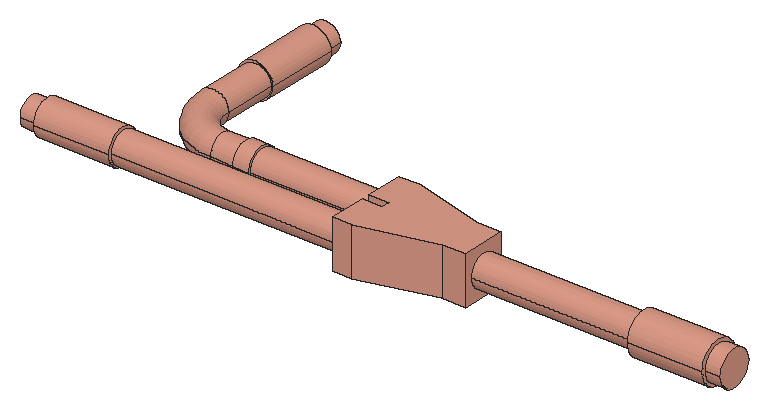
Revit family "outputfile", category 配管付属品, Revit 2024
Family settings
  丸型コネクタ寸法 = 半径を使用
  パーツ タイプ = 標準
  OmniClass 番号 = 23.65.55.00
  OmniClass タイトル = Distribution of Supplied Liquids/Gases
  作業面ベース = いいえ
  常に垂直 = はい
  ロード時にボイドで切り取り = いいえ
  共有 = いいえ
Parameters (values of type "BHFP22R168_(2)")
  Description = ""
  製造元 = "Daikin"
  書き出し IFC クラス(タイプ) = "IfcPipeFittingType"
  Default Elevation = 0.0 mm
  定義済み IFC タイプ(タイプ) = "JUNCTION"
  Cost = 0
  モデル = "BHFP22R168_(2)"
  Type Comments = ""
  Keynote = ""
  Type Image = (empty or 0)
  Assembly Code = ""
  table_PipeToCU_B [instance] = if(mm⇔inch, "Multi Module Kit_BHFP22R-_Liquid_PipeToCU_B", "Multi Module Kit_BHFP22R-_Liquid_PipeToCU_B_inch")  # "Multi Module Kit_BHFP22R-_Liquid_PipeToCU_B"
  table_PipeToCU_A [instance] = if(mm⇔inch, "Multi Module Kit_BHFP22R-_Liquid_PipeToCU_A", "Multi Module Kit_BHFP22R-_Liquid_PipeToCU_A_inch")  # "Multi Module Kit_BHFP22R-_Liquid_PipeToCU_A"
  table_ToMainPipe [instance] = if(mm⇔inch, "Multi Module Kit_BHFP22R-_Liquid_ToMainPipe", "Multi Module Kit_BHFP22R-_Liquid_ToMainPipe_inch")  # "Multi Module Kit_BHFP22R-_Liquid_ToMainPipe"
  switch_ToMainPipe3 [instance] = if(number_ToMainPipe < 3, 1 = 0, 1 = 1)  # no
  switch_PipeToCU_B Reducer [instance] = if(and(Is_PipeToCU_B Reducer = 1, judge_IsOffsetPipe_ToOutdoorUnitB = 0), 1 = 1, 1 = 0)  # no
  switch_PipeToCU_B4 [instance] = if(number_PipeToCU_B < 4, 1 = 0, 1 = 1)  # no
  switch_PipeToCU_B3 [instance] = if(number_PipeToCU_B < 3, 1 = 0, 1 = 1)  # no
  switch_PipeToCU_B2 [instance] = if(number_PipeToCU_B < 2, 1 = 0, 1 = 1)  # yes
  switch_PipeToCU_A Reducer [instance] = if(Is_PipeToCU_A Reducer = 1, 1 = 1, 1 = 0)  # yes
  switch_ToMainPipe Reducer [instance] = if(Is_ToMainPipe Reducer = 1, 1 = 1, 1 = 0)  # no
  switch_ToMainPipe2 [instance] = if(number_ToMainPipe < 2, 1 = 0, 1 = 1)  # yes
  r_PipeToCU_B_ActualDiameter [instance] = PipeToCU_B_Liquid_ActualDiameter / 2  # 6.35 mm
  r_PipeToCU_A_ActualDiameter [instance] = PipeToCU_A_Liquid_ActualDiameter / 2  # 6.35 mm
  r_ToMainPipe_ActualDiameter [instance] = ToMainPipe_Liquid_ActualDiameter / 2  # 7.95 mm
  number_PipeToCU_B ReducerPipe [instance] = size_lookup(table_PipeToCU_B, "reducerPipeNumber", 0, モデル, judge_IsOffsetPipe_ToOutdoorUnitB, PipeToCU_B_Liquid_ActualDiameter)  # 0
  number_PipeToCU_B [instance] = size_lookup(table_PipeToCU_B, "pipeNumber", 2, モデル, judge_IsOffsetPipe_ToOutdoorUnitB, PipeToCU_B_Liquid_ActualDiameter)  # 2
  number_PipeToCU_A ReducerPipe [instance] = size_lookup(table_PipeToCU_A, "reducerPipeNumber", 2, モデル, PipeToCU_A_Liquid_ActualDiameter)  # 2
  number_ToMainPipe [instance] = size_lookup(table_ToMainPipe, "pipeNumber", 3, モデル, ToMainPipe_Liquid_ActualDiameter)  # 2
  mm⇔inch [instance] = yes
  l_ToMainPipe3 [instance] = size_lookup(table_ToMainPipe, "L_Pipe3", 8.0 mm, モデル)  # 2.0 mm
  judge_IsOffsetPipe_ToOutdoorUnitB [instance] = 0  # constant formula
  Unit Type = "BHFP22R-_Liquid"
  Uniclass2015Version = "Products v1.31"
  Uniclass2015Title = "Copper pipe fittings"
  Uniclass2015Code = "Pr_65_52_63_18"
  URL = ""
  ToMainPipe_Liquid_Status [instance] = size_lookup(table_ToMainPipe, "Information", "The connected pipe size is not available.", モデル, ToMainPipe_Liquid_ActualDiameter)  # "Default connector size is used."
  ToMainPipe_Liquid_ActualDiameter [instance] = 15.9 mm
  Tag No. [instance] = ""
  Series = "Multi Module kit"
  PipeToCU_B_Liquid_Status [instance] = size_lookup(table_PipeToCU_B, "Information", "The connected pipe size is not available.", モデル, judge_IsOffsetPipe_ToOutdoorUnitB, PipeToCU_B_Liquid_ActualDiameter)  # "Default connector size is used."
  PipeToCU_B_Liquid_ActualDiameter [instance] = 12.7 mm
  PipeToCU_A_Liquid_Status [instance] = size_lookup(table_PipeToCU_A, "Information", "The connected pipe size is not available.", モデル, PipeToCU_A_Liquid_ActualDiameter)  # "Reducer is used at connector."
  PipeToCU_A_Liquid_ActualDiameter [instance] = 12.7 mm
  O.D_PipeToCU_B Reducer [instance] = size_lookup(table_PipeToCU_B, "O.D_reducer", 2.0 mm, モデル, judge_IsOffsetPipe_ToOutdoorUnitB, PipeToCU_B_Liquid_ActualDiameter)  # 2.0 mm
  Material_Piping = DAIKIN_Copper_Pipe
  Material_Insulation = DAIKIN_White_Insulation
  location_PipeToCU_A connector [instance] = size_lookup(table_PipeToCU_A, "Locationconnector", 107.0 mm, モデル, PipeToCU_A_Liquid_ActualDiameter)  # 107.0 mm
  l_PipeToCU_B connector [instance] = size_lookup(table_PipeToCU_B, "Length", 161.0 mm, モデル, judge_IsOffsetPipe_ToOutdoorUnitB, PipeToCU_B_Liquid_ActualDiameter)  # 161.0 mm
  l_PipeToCU_B Reducer [instance] = 80.0 mm  # constant formula
  l_PipeToCU_B4 [instance] = size_lookup(table_PipeToCU_B, "L_Pipe4", 2.0 mm, モデル)  # 2.0 mm
  l_PipeToCU_B3 [instance] = size_lookup(table_PipeToCU_B, "L_Pipe3", 2.0 mm, モデル)  # 2.0 mm
  l_PipeToCU_B2 [instance] = size_lookup(table_PipeToCU_B, "L_Pipe2", 8.0 mm, モデル)  # 8.0 mm
  l_PipeToCU_B1 [instance] = size_lookup(table_PipeToCU_B, "L_Pipe1", 38.0 mm, モデル)  # 38.5 mm
  l_PipeToCU_B0 [instance] = size_lookup(table_PipeToCU_B, "L_Pipe0", 115.0 mm, モデル)  # 114.5 mm
  l_PipeToCU_A connector [instance] = size_lookup(table_PipeToCU_A, "Length", 97.0 mm, モデル, PipeToCU_A_Liquid_ActualDiameter)  # 97.0 mm
  l_PipeToCU_A1 [instance] = size_lookup(table_PipeToCU_A, "L_Pipe1", 8.0 mm, モデル)  # 8.0 mm
  l_PipeToCU_A0 [instance] = size_lookup(table_PipeToCU_A, "L_Pipe0", 62.0 mm, モデル)  # 62.0 mm
  l_ToMainPipe connector [instance] = size_lookup(table_ToMainPipe, "Length", 163.0 mm, モデル, ToMainPipe_Liquid_ActualDiameter)  # 128.0 mm
  l_ToMainPipe Reducer [instance] = size_lookup(table_ToMainPipe, "L_Reducer", 2.0 mm, モデル, ToMainPipe_Liquid_ActualDiameter)  # 2.0 mm
  l_ToMainPipe2 [instance] = size_lookup(table_ToMainPipe, "L_Pipe2", 38.0 mm, モデル)  # 8.0 mm
  l_ToMainPipe1 [instance] = size_lookup(table_ToMainPipe, "L_Pipe1", 38.0 mm, モデル)  # 38.0 mm
  l_ToMainPipe0 [instance] = size_lookup(table_ToMainPipe, "L_Pipe0", 79.0 mm, モデル)  # 82.0 mm
  judge_JointType(1or2) = 2
  count_PipeToCU_B Reducer [instance] = 0  # constant formula
  count_PipeToCU_A Reducer [instance] = size_lookup(table_PipeToCU_A, "reducerCount", 1, モデル, PipeToCU_A_Liquid_ActualDiameter)  # 1
  angle_PipeToCU_A Pipe [instance] = if(RotateBranchPipetoCU_A_90°, 90.00°, 0.00°)  # 0.00°
  angle_PipeToCU_A Connector [instance] = angle_PipeToCU_A Pipe + 90.00°  # 90.00°
  PipeToCU_B_Liquid_AvailableDiameter [instance] = size_lookup(table_PipeToCU_B, "sizeVariation", "", モデル, judge_IsOffsetPipe_ToOutdoorUnitB)  # "12.7/15.9mm"
  PipeToCU_A_Liquid_AvailableDiameter [instance] = size_lookup(table_PipeToCU_A, "sizeVariation", "", モデル)  # "12.7/15.9mm"
  ToMainPipe_Liquid_AvailableDiameter [instance] = size_lookup(table_ToMainPipe, "sizeVariation", "", モデル)  # "15.9/19.1mm"
  RotateBranchPipetoCU_A_90° [instance] = no
  O.D_ToMainPipe Reducer [instance] = size_lookup(table_ToMainPipe, "O.D_reducer", 2.0 mm, モデル, ToMainPipe_Liquid_ActualDiameter)  # 2.0 mm
  Link_Nested Family [instance] = ""
  Is_PipeToCU_B Reducer [instance] = size_lookup(table_PipeToCU_B, "IsReducer", 0, モデル, judge_IsOffsetPipe_ToOutdoorUnitB, PipeToCU_B_Liquid_ActualDiameter)  # 0
  Is_PipeToCU_A Reducer [instance] = size_lookup(table_PipeToCU_A, "IsReducer", 1, モデル, PipeToCU_A_Liquid_ActualDiameter)  # 1
  Is_ToMainPipe Reducer [instance] = size_lookup(table_ToMainPipe, "IsReducer", 0, モデル, ToMainPipe_Liquid_ActualDiameter)  # 0
  IfcVersion = ""
  IfcExportType = "JUNCTION"
  IfcExportAs = "IfcPipeFittingType"
  I.D_ToMainPipe3 [instance] = size_lookup(table_ToMainPipe, "I.D_PipeSize3", 15.9 mm, モデル)  # 2.0 mm
  I.D_PipeToCU_B Reducer [instance] = size_lookup(table_PipeToCU_B, "I.D_reducer", 2.0 mm, モデル, judge_IsOffsetPipe_ToOutdoorUnitB, PipeToCU_B_Liquid_ActualDiameter)  # 2.0 mm
  Attach_Insulation [instance] = no
  I.D_PipeToCU_B4 [instance] = size_lookup(table_PipeToCU_B, "I.D_PipeSize4", 2.0 mm, モデル)  # 2.0 mm
  I.D_PipeToCU_B3 [instance] = size_lookup(table_PipeToCU_B, "I.D_PipeSize3", 2.0 mm, モデル)  # 2.0 mm
  I.D_PipeToCU_B2 [instance] = size_lookup(table_PipeToCU_B, "I.D_PipeSize2", 12.7 mm, モデル)  # 12.7 mm
  I.D_PipeToCU_B1 [instance] = size_lookup(table_PipeToCU_B, "I.D_PipeSize1", 15.9 mm, モデル)  # 15.9 mm
  I.D_PipeToCU_B0 [instance] = size_lookup(table_PipeToCU_B, "I.D_PipeSize0", 13.9 mm, モデル)  # 13.9 mm
  I.D_PipeToCU_A1 [instance] = 15.5 mm  # constant formula
  I.D_PipeToCU_A0 [instance] = 13.9 mm  # constant formula
  I.D_ToMainPipe Reducer [instance] = size_lookup(table_ToMainPipe, "I.D_reducer", 2.0 mm, モデル, ToMainPipe_Liquid_ActualDiameter)  # 2.0 mm
  I.D_ToMainPipe2 [instance] = size_lookup(table_ToMainPipe, "I.D_PipeSize2", 19.1 mm, モデル)  # 15.9 mm
  I.D_ToMainPipe1 [instance] = size_lookup(table_ToMainPipe, "I.D_PipeSize1", 22.2 mm, モデル)  # 19.1 mm
  I.D_ToMainPipe0 [instance] = size_lookup(table_ToMainPipe, "I.D_PipeSize0", 13.9 mm, モデル)  # 13.9 mm
Reference planes
  plane 1 "Center (Front/Back)": y = 0
  plane 2: z = 0
  plane 3 "pipe2": x = 225.65
  plane 4: x = 217.65
  plane 5: x = 179.65
  plane 6: x = 97.65
  plane 7: x = 37.65
  plane 8: x = -32.35
  plane 9: x = -76.85
  plane 10: x = -115.35
  plane 11: x = -123.35
  plane 12: x = -125.35
  plane 13: x = -127.35
  plane 14 "offset_center": y = 11.5
  plane 15: y = -11.5
  plane 16: x = -24.35
  plane 17: x = 147.65
  plane 18 "ToMainPipe_connector": x = 225.65
  plane 19 "connector_OutdoorunitA": x = -69.35
  plane 20 "pipe3": x = 227.65
  plane 21 "connector_PipeToCU_B": x = -123.35
Forms (mm)
  Extrusion 1, solid, material "DAIKIN_Copper_Pipe" <- "Material_Piping"
    sketch origin (0, 0, 0) x (1, 0, 0) y (0, 1, 0)
      loop
        line (37.65, 1.998) -> (47.65, 1.998) -> (47.65, -1.998) -> (37.65, -1.998) -> (37.65, -21.2) -> (47.65, -21.2) -> (85.65, -11.3) -> (97.65, -11.3) -> (97.65, 11.3) -> (85.65, 11.3) -> (47.65, 21.2) -> (37.65, 21.2) -> (37.65, 1.998)
    from -12.2 to 12.2
Dimensions and locks
  locked: plane 6 to plane 17 at 50
  "l_PipeToCU_A1": plane 8 to plane 16
  "l_PipeToCU_B1": plane 10 to plane 9
  "l_PipeToCU_B2": plane 11 to plane 10
  "l_PipeToCU_B3": plane 12 to plane 11
  "l_PipeToCU_B4": plane 13 to plane 12
  locked: plane 7 to plane 6 at 60
  "l_ToMainPipe1": plane 5 to plane 4
  "l_ToMainPipe2": plane 4 to plane 3 "pipe2"
  "l_ToMainPipe0": plane 6 to plane 5
  "l_ToMainPipe connector": plane 6 to plane 18 "ToMainPipe_connector"
  plane 14 "offset_center" to plane 1 "Center (Front/Back)" to plane 15 = 11.5 mm locked, 11.5 mm locked
  locked: plane 1 "Center (Front/Back)" to Extrusion 1 sketch curve at 11.3  (x2)
  locked: Extrusion 1 sketch curve to plane 1 "Center (Front/Back)" at 21.2
  locked: plane 1 "Center (Front/Back)" to Extrusion 1 sketch curve at 21.2
  "l_PipeToCU_A0": plane 16 to plane 7
  "location_PipeToCU_A connector": plane 19 "connector_OutdoorunitA" to plane 7
  "l_PipeToCU_B0": plane 9 to plane 7
  "l_ToMainPipe3": plane 3 "pipe2" to plane 20 "pipe3"
  "l_PipeToCU_B connector": plane 21 "connector_PipeToCU_B" to plane 7
  aligned and locked: level to plane 2
  aligned and locked: plane 2 to nested 1
  aligned and locked: plane 1 "Center (Front/Back)" to nested 1
  aligned and locked: plane 3 "pipe2" to nested 1
  aligned and locked: plane 4 to nested 1
  aligned and locked: plane 4 to nested 2
  aligned and locked: plane 5 to nested 2
  aligned and locked: plane 5 to nested 3
  aligned and locked: plane 6 to nested 3
  aligned and locked: plane 6 to Extrusion 1
  aligned and locked: Extrusion 1 to plane 7  (x2)
  aligned and locked: plane 7 to nested 4
  aligned and locked: plane 8 to nested 5
  aligned and locked: plane 16 to nested 5
  aligned and locked: nested 5 to plane 14 "offset_center"
  aligned and locked: nested 6 to plane 15
  aligned and locked: plane 7 to nested 6
  aligned and locked: plane 9 to nested 6
  aligned and locked: plane 10 to nested 7
  aligned and locked: plane 9 to nested 7
  aligned and locked: plane 11 to nested 8
  aligned and locked: plane 10 to nested 8
  aligned and locked: plane 12 to nested 9
  aligned and locked: plane 11 to nested 9
  aligned and locked: plane 13 to nested 10
  aligned and locked: plane 12 to nested 10
  aligned and locked: nested 10 to plane 15
  aligned and locked: nested 9 to plane 15
  aligned and locked: nested 8 to plane 15
  aligned and locked: nested 7 to plane 15
  aligned and locked: plane 1 "Center (Front/Back)" to nested 11
  aligned and locked: plane 17 to nested 11
  aligned and locked: plane 16 to nested 4
  aligned and locked: nested 12 to plane 14 "offset_center"
  aligned and locked: plane 8 to nested 12
  aligned and locked: plane 1 "Center (Front/Back)" to nested 13
  aligned and locked: plane 18 "ToMainPipe_connector" to nested 13
  aligned and locked: plane 6 to nested 14
  aligned and locked: plane 1 "Center (Front/Back)" to nested 3
  aligned and locked: nested 15 to plane 7
  aligned and locked: nested 4 to plane 14 "offset_center"
  aligned and locked: plane 3 "pipe2" to nested 16
  aligned and locked: plane 20 "pipe3" to nested 16
  aligned and locked: nested 15 to plane 15
  aligned and locked: nested 17 to plane 21 "connector_PipeToCU_B"
  aligned and locked: plane 15 to nested 17
  aligned and locked: plane 14 "offset_center" to nested 18
  aligned and locked: nested 18 to plane 19 "connector_OutdoorunitA"
Automatic sketch dimensions
  Extrusion 1 sketch curve to plane 7 = 0.0 mm  (x2)
  Extrusion 1 sketch curve to plane 6 = 0.0 mm
  plane 1 "Center (Front/Back)" to Extrusion 1 sketch curve = 1.998 mm
  Extrusion 1 sketch curve to Extrusion 1 sketch curve = 10.0 mm  (x3)
  Extrusion 1 sketch curve to plane 1 "Center (Front/Back)" = 1.998 mm
  Extrusion 1 sketch curve to Extrusion 1 sketch curve = 12.0 mm  (x2)
Nested families
  nested 1: "daikin_Pipe" at (221.65, 0, 0), I.D_Pipe <- "I.D_ToMainPipe2", display <- "switch_ToMainPipe2", type "*"
    with length_Pipe 8.0 mm, display yes, O.D_Pipe 17.9 mm, I.D_Pipe 15.9 mm
  nested 2: "daikin_Pipe" at (198.65, 0, 0), I.D_Pipe <- "I.D_ToMainPipe1", type "*"
    with length_Pipe 38.0 mm, display yes, O.D_Pipe 21.1 mm, I.D_Pipe 19.1 mm
  nested 3: "daikin_Pipe" at (138.65, 0, 0), I.D_Pipe <- "I.D_ToMainPipe0", type "*"
    with length_Pipe 82.0 mm, display yes, O.D_Pipe 15.9 mm, I.D_Pipe 13.9 mm
  nested 4: "daikin_Pipe" at (6.65, 11.5, 0), I.D_Pipe <- "I.D_PipeToCU_A0", type "*"
    with length_Pipe 62.0 mm, display yes, O.D_Pipe 15.9 mm, I.D_Pipe 13.9 mm
  nested 5: "daikin_Pipe" at (-28.35, 11.5, 0), I.D_Pipe <- "I.D_PipeToCU_A1", type "*"
    with length_Pipe 8.0 mm, display yes, O.D_Pipe 17.5 mm, I.D_Pipe 15.5 mm
  nested 6: "daikin_Pipe" at (-19.6, -11.5, 0), I.D_Pipe <- "I.D_PipeToCU_B0", type "*"
    with length_Pipe 114.5 mm, display yes, O.D_Pipe 15.9 mm, I.D_Pipe 13.9 mm
  nested 7: "daikin_Pipe" at (-96.1, -11.5, 0), I.D_Pipe <- "I.D_PipeToCU_B1", type "*"
    with length_Pipe 38.5 mm, display yes, O.D_Pipe 17.9 mm, I.D_Pipe 15.9 mm
  nested 8: "daikin_Pipe" at (-119.35, -11.5, 0), I.D_Pipe <- "I.D_PipeToCU_B2", display <- "switch_PipeToCU_B2", type "*"
    with length_Pipe 8.0 mm, display yes, O.D_Pipe 14.7 mm, I.D_Pipe 12.7 mm
  nested 9: "daikin_Pipe" at (-124.35, -11.5, 0), display <- "switch_PipeToCU_B3", I.D_Pipe <- "I.D_PipeToCU_B3", visible <- "switch_PipeToCU_B3", type "*"
    with length_Pipe 2.0 mm, display no, O.D_Pipe 4.0 mm, I.D_Pipe 2.0 mm
  nested 10: "daikin_Pipe" at (-126.35, -11.5, 0), display <- "switch_PipeToCU_B4", I.D_Pipe <- "I.D_PipeToCU_B4", visible <- "switch_PipeToCU_B4", type "*"
    with length_Pipe 2.0 mm, display no, O.D_Pipe 4.0 mm, I.D_Pipe 2.0 mm
  nested 11: "daikin_MultiModeluKit_Insulation" at (147.65, 0, 0), display <- "Attach_Insulation", type "*"
    with h 54.2 mm, display no, I.D_Outlet PipeSize 22.2 mm
  nested 12: "daikin_Multi Module kit_Reducer90_rotate" at (-32.35, 11.5, 0), number_reducerPipe <- "number_PipeToCU_A ReducerPipe", angle_Pipe <- "angle_PipeToCU_A Pipe", I.D_Pipe <- "PipeToCU_A_Liquid_ActualDiameter", count_Reducer <- "count_PipeToCU_A Reducer", type "*"
    with number_reducerPipe 2, display_Pipe2 yes, display_Pipe1 yes, count_Reducer 1, angle_Pipe 0.00°, I.D_Pipe 12.7 mm
  nested 13: "daikin_Pipe_reducer" at (224.65, 0, 0), I.D_Pipe1 <- "I.D_ToMainPipe Reducer", O.D_Pipe2 <- "O.D_ToMainPipe Reducer", length_Pipe <- "l_ToMainPipe Reducer", display <- "switch_ToMainPipe Reducer", type "*"
    with length_Pipe 2.0 mm, display no, O.D_Pipe2 2.0 mm, O.D_Pipe1 4.0 mm, I.D_Pipe2 0.0 mm, I.D_Pipe1 2.0 mm
  nested 14: "daikin_connector_rotate3" at (97.65, 0, 0) x (0, 1, 0) z (0, 0, 1), length <- "l_ToMainPipe connector", type "daikin_connector_rotate3"
    with radius 10.0 mm, length 128.0 mm, angle_vertical 90.00°, angle_horizontal 0.00°
  nested 15: "daikin_connector_rotate3" at (37.65, -11.5, 0) x (0, -1, 0) z (0, 0, 1), length <- "l_PipeToCU_B connector", type "daikin_connector_rotate3"
    with radius 10.0 mm, length 161.0 mm, angle_vertical 90.00°, angle_horizontal 0.00°
  nested 16: "daikin_Pipe" at (226.65, 0, 0), display <- "switch_ToMainPipe3", I.D_Pipe <- "I.D_ToMainPipe3", type "*"
    with length_Pipe 2.0 mm, display no, O.D_Pipe 4.0 mm, I.D_Pipe 2.0 mm
  nested 17: "daikin_Pipe_reducer" at (-83.35, -11.5, 0) x (-1, 0, 0) z (0, 0, 1), length_Pipe <- "l_PipeToCU_B Reducer", I.D_Pipe1 <- "I.D_PipeToCU_B Reducer", O.D_Pipe2 <- "O.D_PipeToCU_B Reducer", display <- "switch_PipeToCU_B Reducer", type "*"
    with length_Pipe 80.0 mm, display no, O.D_Pipe2 2.0 mm, O.D_Pipe1 4.0 mm, I.D_Pipe2 0.0 mm, I.D_Pipe1 2.0 mm
  nested 18: "daikin_connector_rotate3" at (-69.35, 11.5, 0) x (-1, 0, 0) z (0, 0, 1), angle_vertical <- "angle_PipeToCU_A Connector", length <- "l_PipeToCU_A connector", type "daikin_connector_rotate3"
    with radius 10.0 mm, length 97.0 mm, angle_vertical 90.00°, angle_horizontal 0.00°
Connectors
  piping at (225.65, 0, 0), diameter 15.9, driven by "r_ToMainPipe_ActualDiameter"
    settings: on nested 14, index 1, connector inside diameter 609.6 mm, connector length 0.0 mm, flow factor 0, pipe flow 0.00 m³/h, pressure drop 0.0 Pa, fitting loss kfactor 0, connector angle 0.00°, fixture units 0, engagement length 0.0 mm, angle of deflection 0.00°, flow configuration 0, flow direction 2, fitting loss method 0, system type 29, joint type 0, gender type 0, connector reference index -1, connector utility 0, adjustable connector no, is connector primary yes, connector description "Multi Module kit_to Main Pipe_Liquid"
  piping at (-123.35, -11.5, 0), diameter 12.7, driven by "r_PipeToCU_B_ActualDiameter"
    settings: on nested 15, index 3, connector inside diameter 609.6 mm, connector length 0.0 mm, flow factor 0, pipe flow 0.00 m³/h, pressure drop 0.0 Pa, fitting loss kfactor 0, connector angle 0.00°, fixture units 0, engagement length 0.0 mm, angle of deflection 0.00°, flow configuration 0, flow direction 1, fitting loss method 0, system type 29, joint type 0, gender type 0, connector reference index -1, connector utility 0, adjustable connector no, is connector primary no, connector description "Multi Module kit_Piping to CU-B_Liquid"
  piping at (-69.35, 108.5, 0), diameter 12.7, driven by "r_PipeToCU_A_ActualDiameter"
    settings: on nested 18, index 4, connector inside diameter 609.6 mm, connector length 0.0 mm, flow factor 0, pipe flow 0.00 m³/h, pressure drop 0.0 Pa, fitting loss kfactor 0, connector angle 0.00°, fixture units 0, engagement length 0.0 mm, angle of deflection 0.00°, flow configuration 0, flow direction 1, fitting loss method 0, system type 29, joint type 0, gender type 0, connector reference index -1, connector utility 0, adjustable connector no, is connector primary no, connector description "Multi Module kit_Piping to CU-A_Liquid"
Definition of nested family "daikin_Pipe"
  Parameters (values of type "*")
    Default Elevation = 0.0 mm
    material = none
    length_Pipe [instance] = 150.0 mm
    display [instance] = yes
    O.D_Pipe [instance] = I.D_Pipe + 2.0 mm  # 27.0 mm
    I.D_Pipe [instance] = 25.0 mm
  Reference planes
    plane 1 "Center (Front/Back)": y = 0
    plane 2 "center(vertical)": z = 0
    plane 3 "Center (Left/Right)": x = 0
    plane 4 "left": x = -75
    plane 5 "right": x = 75
  Forms (mm)
    Extrusion 1, solid, material <- "material", visible <- "display"
      sketch origin (0, 0, 0) x (0, 1, 0) y (0, 0, 1)
        loop
          circle (0, 0) r 13.5
      from -75 to 75
  Dimensions and locks
    equal spacing: plane 4 "left", plane 3 "Center (Left/Right)", plane 5 "right"
    "length_Pipe": plane 4 "left" to plane 5 "right"
    "O.D_Pipe": diameter of Extrusion 1 sketch curve
    aligned and locked: level to plane 2 "center(vertical)"
    aligned and locked: plane 2 "center(vertical)" to Extrusion 1 sketch curve
    aligned and locked: plane 1 "Center (Front/Back)" to Extrusion 1 sketch curve
    aligned and locked: plane 5 "right" to Extrusion 1
    aligned and locked: Extrusion 1 to plane 4 "left"
Definition of nested family "daikin_Multi Module kit_Reducer90_rotate"
  Parameters (values of type "*")
    Default Elevation = 0.0 mm
    number_reducerPipe [instance] = 4
    material_Pipe = none
    display_Pipe2 [instance] = if(number_reducerPipe < 2, 1 = 0, 1 = 1)  # yes
    display_Pipe1 [instance] = if(number_reducerPipe < 1, 1 = 0, 1 = 1)  # yes
    count_Reducer [instance] = 0
    angle_Pipe [instance] = 30.00°
    I.D_Pipe [instance] = 0.0 mm
  Reference planes
    plane 1 "Center (Front/Back)": y = 0
    plane 2: z = 0
    plane 3 "Center (Left/Right)": x = 0
  Dimensions and locks
    "angle_Pipe": angle plane 2 to nested 1
    aligned and locked: level to plane 2
  Nested families
    nested 1: "daikin_Multi Module kit_Reducer90" at (0, 0, 0) x (1, 0, 0) z (0, -0.5, 0.866), display_Pipe2 <- "display_Pipe2", display_Pipe1 <- "display_Pipe1", I.D_connector <- "I.D_Pipe", count_Reducer <- "count_Reducer", type "*"
      with display_Reducer no, display_Pipe2 yes, display_Pipe1 yes, count_Reducer 0, I.D_connector 0.0 mm
  Definition of nested family "daikin_Multi Module kit_Reducer90"
    Parameters (values of type "*")
      Default Elevation = 0.0 mm
      material_Pipe = none
      display_Reducer [instance] = and(I.D_connector = 19.1 mm, count_Reducer = 2)  # no
      display_Pipe2 [instance] = yes
      display_Pipe1 [instance] = yes
      count_Reducer [instance] = 0
      O.D_Pipe2 = 12.7 mm + 2.0 mm  # 14.7 mm
      O.D_Pipe1 = 15.9 mm + 2.0 mm  # 17.9 mm
      O.D_Pipe0 = 15.9 mm  # constant formula
      I.D_connector [instance] = 0.0 mm
    Reference planes
      plane 1 "Center (Front/Back)": y = 0
      plane 2 "center_vertical": z = 0
      plane 3 "Center (Left/Right)": x = 0
      plane 4 "center_toOutdoor": x = -37
      plane 5: y = 52
      plane 6: y = 89
      plane 7: y = 97
    Forms (mm)
      Sweep 1, solid, material <- "material_Pipe"
        path origin (0, 0, 0) x (1, 0, 0) y (0, 1, 0)
          loop
            line (0, 0) -> (-12, 0)
            arc (-12, 0) -> (-29.678, 7.322) -> (-37, 25) r 25
            line (-37, 25) -> (-37, 52)
        profile origin (-6, 0, 0) x (0, -1, 0) y (0, 0, 1)
          loop
            circle (0, 0) r 7.95
      Extrusion 2, solid, material <- "material_Pipe", visible <- "display_Pipe1"
        sketch origin (0, 0, 0) x (1, 0, 0) y (0, 0, 1)
          loop
            circle (-37, 0) r 8.95
        from -89 to -52
      Extrusion 3, solid, material <- "material_Pipe", visible <- "display_Pipe2"
        sketch origin (75, -2.05, 0) x (1, 0, 0) y (0, 0, 1)
          loop
            circle (-112, 0) r 7.35
        from -99.05 to -91.05
    Lines and regions (mm)
      reference lines
        curve 1: line (0, 0, 0) -> (-37, 0, 0)
    Dimensions and locks
      locked: plane 1 "Center (Front/Back)" to plane 5 at 52
      locked: plane 6 to plane 5 at 37
      locked: plane 7 to plane 6 at 8
      plane 4 "center_toOutdoor" to plane 3 "Center (Left/Right)" = 37.0 mm
      "O.D_Pipe2": diameter of Extrusion 3 sketch curve
      "O.D_Pipe0": diameter of Sweep 1 sketch curve
      "O.D_Pipe1": diameter of Extrusion 2 sketch curve
      aligned and locked: level to plane 2 "center_vertical"
      aligned and locked: plane 6 to Extrusion 2
      aligned and locked: Extrusion 2 to plane 5
      aligned and locked: Extrusion 3 to plane 6
      aligned and locked: Sweep 1 sketch curve to plane 1 "Center (Front/Back)"
      aligned and locked: plane 3 "Center (Left/Right)" to curve 1
      aligned and locked: curve 1 to plane 1 "Center (Front/Back)"
      aligned and locked: plane 7 to Extrusion 3
      aligned and locked: plane 6 to nested 1
      aligned and locked: plane 4 "center_toOutdoor" to nested 1
    Automatic sketch dimensions
      Sweep 1 sketch curve to plane 4 "center_toOutdoor" = 0.0 mm
      Sweep 1 sketch curve to plane 3 "Center (Left/Right)" = 0.0 mm
      Sweep 1 sketch curve to plane 5 = 0.0 mm
      Sweep 1 sketch curve to plane 3 "Center (Left/Right)" = 12.0 mm
      curve 1 to plane 4 "center_toOutdoor" = 0.0 mm
      Sweep 1 sketch curve to level = 0.0 mm
      Sweep 1 sketch curve to profile plane = 0.0 mm
      Extrusion 2 sketch curve to level = 0.0 mm
      Extrusion 2 sketch curve to plane 4 "center_toOutdoor" = 0.0 mm
      Extrusion 3 sketch curve to level = 0.0 mm
      Extrusion 3 sketch curve to plane 4 "center_toOutdoor" = 0.0 mm
    Nested families
      nested 1: "daikin_Pipe_reducer" at (-37, 129.5, 0) x (0, 1, 0) z (0, 0, 1), display <- "display_Reducer", type "*"
        with length_Pipe 81.0 mm, display no, O.D_Pipe2 12.7 mm, O.D_Pipe1 21.1 mm, I.D_Pipe2 10.7 mm, I.D_Pipe1 19.1 mm
    Definition of nested family "daikin_Pipe_reducer"
      Parameters (values of type "*")
        Default Elevation = 0.0 mm
        material = none
        length_Pipe [instance] = 250.0 mm
        display [instance] = yes
        O.D_Pipe2 [instance] = 19.1 mm
        O.D_Pipe1 [instance] = I.D_Pipe1 + 2.0 mm  # 24.2 mm
        I.D_Pipe2 [instance] = O.D_Pipe2 - 2.0 mm  # 17.1 mm
        I.D_Pipe1 [instance] = 22.2 mm
      Reference planes
        plane 1 "Center (Front/Back)": y = 0
        plane 2 "center(vertical)": z = 0
        plane 3 "Center (Left/Right)": x = 0
        plane 4 "connection": x = -125
        plane 5 "right": x = 113
        plane 6: x = 125
      Forms (mm)
        Extrusion 1, solid, material <- "material", visible <- "display"
          sketch origin (0, 0, 0) x (0, 1, 0) y (0, 0, 1)
            loop
              circle (0, 0) r 9.55
          from -125 to 113
        Extrusion 2, solid, material <- "material", visible <- "display"
          sketch origin (0, 0, 0) x (0, 1, 0) y (0, 0, 1)
            loop
              circle (0, 0) r 12.1
          from 113 to 125
      Dimensions and locks
        locked: plane 5 "right" to plane 6 at 12
        "length_Pipe": plane 4 "connection" to plane 6
        equal spacing: plane 4 "connection", plane 3 "Center (Left/Right)", plane 6
        "O.D_Pipe2": diameter of Extrusion 1 sketch curve
        "O.D_Pipe1": diameter of Extrusion 2 sketch curve
        aligned and locked: level to plane 2 "center(vertical)"
        aligned and locked: plane 2 "center(vertical)" to Extrusion 1 sketch curve
        aligned and locked: plane 1 "Center (Front/Back)" to Extrusion 1 sketch curve
        aligned and locked: plane 5 "right" to Extrusion 1
        aligned and locked: Extrusion 1 to plane 4 "connection"
        aligned and locked: plane 2 "center(vertical)" to Extrusion 2 sketch curve
        aligned and locked: plane 1 "Center (Front/Back)" to Extrusion 2 sketch curve
        aligned and locked: Extrusion 2 to plane 5 "right"
        aligned and locked: plane 6 to Extrusion 2
Definition of nested family "daikin_MultiModeluKit_Insulation"
  Parameters (values of type "*")
    Default Elevation = 0.0 mm
    Model = ""
    material = none
    h [instance] = (I.D_Outlet PipeSize + 2.0 mm) + 30.0 mm  # 47.0 mm
    display [instance] = yes
    I.D_Outlet PipeSize [instance] = 15.0 mm
  Reference planes
    plane 1 "Center (Front/Back)": y = 0
    plane 2: z = 0
    plane 3 "Left": x = 0
    plane 4 "top": z = 23.5
    plane 5 "bottom": z = -23.5
  Forms (mm)
    Extrusion 1, solid, material <- "material", visible <- "display"
      sketch origin (0, 0, 0) x (1, 0, 0) y (0, 1, 0)
        loop
          line (0, -23) -> (0, 23) -> (-10, 23) -> (-50, 26.25) -> (-62.047, 26.25) -> (-100, 36) -> (-186, 36) -> (-186, 10) -> (-257, 10) -> (-257, -36) -> (-100, -36) -> (-62.047, -26.25) -> (-50, -26.25) -> (-10, -23) -> (0, -23)
      from -23.5 to 23.5
  Dimensions and locks
    equal spacing: plane 4 "top", plane 2, plane 5 "bottom"
    "h": plane 4 "top" to plane 5 "bottom"
    equal spacing: Extrusion 1 sketch curve, plane 1 "Center (Front/Back)", Extrusion 1 sketch curve  (x2)
    locked: Extrusion 1 sketch curve to Extrusion 1 sketch curve at 46
    locked: Extrusion 1 sketch curve to plane 3 "Left" at 10  (x2)
    locked: Extrusion 1 sketch curve to Extrusion 1 sketch curve at 52.5
    locked: Extrusion 1 sketch curve to plane 3 "Left" at 50  (x2)
    locked: Extrusion 1 sketch curve to plane 3 "Left" at 100  (x2)
    Extrusion 1 sketch curve to plane 3 "Left" = 186.0 mm
    locked: plane 1 "Center (Front/Back)" to Extrusion 1 sketch curve at 10
    Extrusion 1 sketch curve to plane 3 "Left" = 257.0 mm
    locked: Extrusion 1 sketch curve to plane 1 "Center (Front/Back)" at 36
    locked: plane 1 "Center (Front/Back)" to Extrusion 1 sketch curve at 36
    Extrusion 1 sketch curve to plane 3 "Left" = 62.047 mm  (x2)
    aligned and locked: level to plane 2
    aligned and locked: plane 3 "Left" to Extrusion 1
    aligned and locked: Extrusion 1 to plane 5 "bottom"
    aligned and locked: plane 4 "top" to Extrusion 1
  Automatic sketch dimensions
    Extrusion 1 sketch curve to plane 3 "Left" = 0.0 mm
    plane 1 "Center (Front/Back)" to Extrusion 1 sketch curve = 26.25 mm
Definition of nested family "daikin_Pipe_reducer"
  Parameters (values of type "*")
    Default Elevation = 0.0 mm
    material = none
    length_Pipe [instance] = 250.0 mm
    display [instance] = yes
    O.D_Pipe2 [instance] = 19.1 mm
    O.D_Pipe1 [instance] = I.D_Pipe1 + 2.0 mm  # 24.2 mm
    I.D_Pipe2 [instance] = O.D_Pipe2 - 2.0 mm  # 17.1 mm
    I.D_Pipe1 [instance] = 22.2 mm
  Reference planes
    plane 1 "Center (Front/Back)": y = 0
    plane 2 "center(vertical)": z = 0
    plane 3 "Center (Left/Right)": x = 0
    plane 4 "connection": x = -125
    plane 5 "right": x = 113
    plane 6: x = 125
  Forms (mm)
    Extrusion 1, solid, material <- "material", visible <- "display"
      sketch origin (0, 0, 0) x (0, 1, 0) y (0, 0, 1)
        loop
          circle (0, 0) r 9.55
      from -125 to 113
    Extrusion 2, solid, material <- "material", visible <- "display"
      sketch origin (0, 0, 0) x (0, 1, 0) y (0, 0, 1)
        loop
          circle (0, 0) r 12.1
      from 113 to 125
  Dimensions and locks
    locked: plane 5 "right" to plane 6 at 12
    "length_Pipe": plane 4 "connection" to plane 6
    equal spacing: plane 4 "connection", plane 3 "Center (Left/Right)", plane 6
    "O.D_Pipe2": diameter of Extrusion 1 sketch curve
    "O.D_Pipe1": diameter of Extrusion 2 sketch curve
    aligned and locked: level to plane 2 "center(vertical)"
    aligned and locked: plane 2 "center(vertical)" to Extrusion 1 sketch curve
    aligned and locked: plane 1 "Center (Front/Back)" to Extrusion 1 sketch curve
    aligned and locked: plane 5 "right" to Extrusion 1
    aligned and locked: Extrusion 1 to plane 4 "connection"
    aligned and locked: plane 2 "center(vertical)" to Extrusion 2 sketch curve
    aligned and locked: plane 1 "Center (Front/Back)" to Extrusion 2 sketch curve
    aligned and locked: Extrusion 2 to plane 5 "right"
    aligned and locked: plane 6 to Extrusion 2
Definition of nested family "daikin_connector_rotate3"
  Parameters (values of type "daikin_connector_rotate3")
    Default Elevation = 0.0 mm
    show_face = no
    show_circle = no
    radius [instance] = 10.0 mm
    length [instance] = 600.0 mm
    angle_horizontal [instance] = 60.00°
    angle_vertical [instance] = 90.00°
  Reference planes
    plane 1 "Center (Front/Back)": y = 0
    plane 2: z = 0
    plane 3 "Center (Left/Right)": x = 0
  Dimensions and locks
    "angle_horizontal": angle plane 3 "Center (Left/Right)" to nested 1
    aligned and locked: level to plane 2
    aligned and locked: plane 1 "Center (Front/Back)" to nested 1  (x2)
    aligned and locked: plane 3 "Center (Left/Right)" to nested 1
  Nested families
    nested 1: "daikin_connector_rotate2" at (0, 0, 0) x (0.5, 0.866, 0) z (0, 0, 1), angle_vertical <- "angle_vertical", length <- "length", radius <- "radius", type "daikin_connector_rotate2"
      with radius 10.0 mm, length 600.0 mm, angle_vertical 90.00°, show_face no, show_circle no
  Definition of nested family "daikin_connector_rotate2"
    Parameters (values of type "daikin_connector_rotate2")
      Default Elevation = 0.0 mm
      show_face = yes
      show_circle = yes
      radius [instance] = 10.0 mm
      length [instance] = 60.0 mm
      d_surface = 10.0 mm
      angle_vertical [instance] = 90.00°
    Reference planes
      plane 1 "Center (Front/Back)": y = 0
      plane 2: z = 0
      plane 3 "Center (Left/Right)": x = 0
    Forms (mm)
      Extrusion 1, solid, visible <- "show_face"
        sketch origin (0, -60, 0) x (1, 0, 0) y (0, 0, 1)
          loop
            circle (0, 0) r 10
        from 0 to -10
    Lines and regions (mm)
      reference lines
        curve 1: line (0, 0, 0) -> (0, -60, 0)
      symbolic lines, visible <- "show_circle"
        curve 2: circle (0, 0, 0) r 5 normal (0, 0, 1)
      model lines, visible <- "show_face"
        curve 3: line (0, 0, 0) -> (0, -60, 0)
    Dimensions and locks
      "length": curve 1 to curve 1
      "length": curve 3 to curve 3
      "d_surface": Extrusion 1 to Extrusion 1
      "radius": radius of Extrusion 1 sketch curve
      "angle_vertical": angle curve 1 to plane 1 "Center (Front/Back)"
      "angle_vertical": angle curve 3 to plane 1 "Center (Front/Back)"
      aligned and locked: level to plane 2
      aligned and locked: plane 1 "Center (Front/Back)" to curve 1
      aligned and locked: plane 2 to curve 1
      aligned and locked: plane 1 "Center (Front/Back)" to curve 2
      aligned and locked: plane 3 "Center (Left/Right)" to curve 2
      aligned and locked: plane 1 "Center (Front/Back)" to curve 3
      aligned and locked: plane 2 to curve 3
      aligned and locked: Extrusion 1 to Extrusion 1
    Automatic sketch dimensions
      Extrusion 1 sketch curve to level = 0.0 mm
      Extrusion 1 sketch curve to plane 3 "Center (Left/Right)" = 0.0 mm
      radius of curve 2 = 5.0 mm
